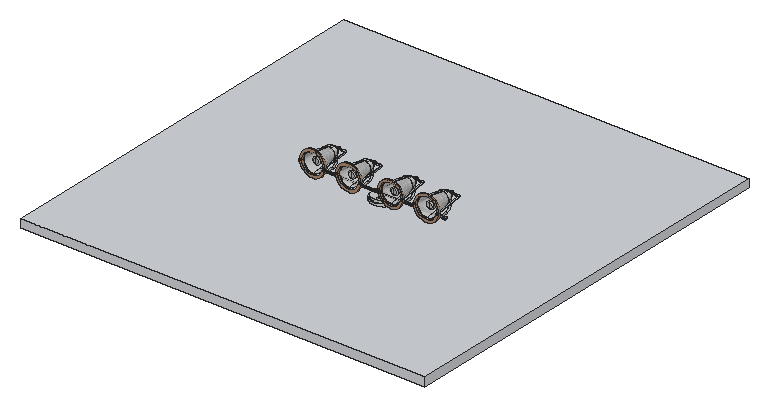
Revit family "P300298-009", category Lighting Fixtures, host Face, Revit 2017
Family settings
  Host = Face
  Round Connector Dimension = Use Diameter
  Part Type = Normal
  OmniClass Number = 23.80.70.11.14.17
  OmniClass Title = Direct/Indirect
  Cut with Voids When Loaded = No
  Light Source = No
  Shared = Yes
  Room Calculation Point = No
Parameters (values of type "P300298-009")
  Watts = 100 W
  Wattage Comments = "100W"
  Warranty = "1 year Warranty"  # constant formula
  Voltage = 120 V
  URL = "https://www.hubbell.com/progresslighting/en"
  Product Link = "https://www.hubbell.com/progresslighting/en/Products/Lighting-Controls/Residential-Indoor-Lighting/Bath-Vanity/Conway-Collection-Four-Light-Brushed-Nickel-and-Clear-Seeded-Farmhouse-Style-Bath-Vanity-Wall-Light/p/6643545"
  Product Documentation Link = "https://hubbellcdn.com/specsheet/PROG_P300298-009_spec.pdf"
  Power Factor = 1
  Model = "P300298-009"  # constant formula
  Manufacturer = "Progress Lighting"  # constant formula
  Load Classification = Lighting
  Wood = Paint- Wood
  Glass = Paint - Hubbell - White Texture
  Lamp = "LED/CFL/incandescent"  # constant formula
  Housing Material = Paint - Hubbell - Metallic Silver Textured
  Fixture distribution = "Direct"  # constant formula
  Features = "Mix old and new for charming character with the Conway Collection 4-Light Brushed Nickel Clear Seeded Farmhouse Bath Vanity Light. A brushed nickel bell-shaped frame and round backplate are accented by hand-painted, weathered grey wood-style accents for a charming nautical aesthetic. A light source glows from within a clear seeded glass shade for visual texture.\r\nApplication: Create a relaxing seaside haven with the Conway Collection 4-Light Brushed Nickel Clear Seeded Farmhouse Bath Vanity Light ideal for any entryway, hallway, foyer, bedroom, sitting room, living room, or bathroom.\r\nStyle: Perfect for farmhouse and coastal style settings.\r\nFinish: A brushed nickel bell-shaped frame and round backplate are accented by hand-painted weathered grey wood-style accents for a charming nautical aesthetic.\r\nMaterials: Constructed from steel to ensure a long product lifespan. Mount the fixture facing up or down.\r\nGlass: A light source glows from within a clear seeded glass shade for visual texture.\r\nBulbs: For ideal illumination, use 4 medium base bulbs that are sold separately (100w max - LED/CFL/incandescent). Compatible with dimmable bulbs.\r\nDimensions: Measures 33-inch width by 8-1/4-inch height by 7-inch depth.\r\nCertifications: cULus damp location listed.\r\nPairs With: Pairs with Hemsworth, Austelle, and Kempsey collections.\r\nWarranty: Our 1-Year Limited Warranty guarantees your complete satisfaction with your purchase and includes professional after-sales customer service support."  # constant formula
  Description = "Conway Collection Four-Light Brushed Nickel and Clear Seeded Farmhouse Style Bath Vanity Wall Light"  # constant formula
  Default Elevation = 48.00"
  Copyright = " ©2021 Progress Lighting, a division of Hubbell Lighting, Inc"  # constant formula
  Contact = "https://www.hubbell.com/progresslighting/en/contactUs"
  Connector Description = "Lighting Connector"  # constant formula
  Assembly Code = "D5020200"
  Apparent Load = Watts / Power Factor  # 100 VA
Reference planes (in)
  plane 1 "Center (Front/Back)": y = 0
  plane 2: z = 0
  plane 3 "Center (Left/Right)": x = 0
  plane 4: z = 10.50759
  plane 5: z = 6.0561
  plane 6: x = 16.5
  plane 7: x = -16.5
Forms (in)
  Extrusion 1, solid
    sketch origin (0, 0, 0) x (1, 0, 0) y (0, 1, 0)
      loop
        line (-48, 48) -> (-48, -48) -> (48, -48) -> (48, 48) -> (-48, 48)
    from 0 to -2
  Extrusion 2, solid, material "Paint - Hubbell - Metallic Silver Textured" <- "Housing Material"
    sketch origin (-0.04687, -0.04688, 0) x (-1, 0, 0) y (0, -1, 0)
      loop
        circle (-0.04687, -1.91937) r 0.1
      loop
        circle (-0.04687, 1.91937) r 0.1
    from 0.9423 to 1.04386
  Sweep 3, void
    path in 3D
      loop
        arc (3, 0, 0.9423) -> (0, -3, 0.9423) -> (-3, 0, 0.9423) r 3
        arc (-3, 0, 0.9423) -> (0, 3, 0.9423) -> (3, 0, 0.9423) r 3
    profile origin (0, 3, 0.9423) x (0, 1, 0) y (0, 0, 1)
      loop
        line (0, 0) -> (-0.33704, 0) -> (-0.33704, -0.45389) -> (0, -0.45389) -> (0, 0)
  Extrusion 4, solid, material "Paint - Hubbell - Metallic Silver Textured" <- "Housing Material"
    sketch origin (0, 0, 0) x (1, 0, 0) y (0, 1, 0)
      loop
        circle (0, 0) r 3
    from 0 to 0.9423
  Sweep 5, solid, material "Paint - Hubbell - Metallic Silver Textured" <- "Housing Material"
    path origin (13.5, 0.8125, -0.34375) x (0, 1, 0) y (0, 0, 1)
      loop
        line (-0.9419, 1.42637) -> (0.5581, 1.42637)
        arc (0.5581, 1.42637) -> (1.44198, 1.79249) -> (1.8081, 2.67637) r 1.25
        line (1.8081, 2.67637) -> (1.8081, 4.77637)
    profile origin (13.5, 0.6206, 1.08262) x (0, 0, 1) y (1, 0, 0)
      loop
        circle (0, 0) r 0.15
  Revolve 6, solid, material "Paint - Hubbell - Metallic Silver Textured" <- "Housing Material"
    sketch origin (13.5, 1.25, -1.125) x (0, 1, 0) y (0, 0, 1)
      loop
        line (-0.39703, 5.79294) -> (1.08787, 5.79294) -> (1.08787, 6.17127)
        arc (1.08787, 6.17127) -> (0.94143, 6.52482) -> (0.58787, 6.67127) r 0.5
        line (0.58787, 6.67127) -> (-1.19629, 6.67127) -> (-1.19629, 5.79294) -> (-0.39703, 5.79294)
      axis (1.08787, 5.79294) -> (-1.19629, 5.79294)
    angle from 0 to 360
  Revolve 7, solid, material "Paint - Hubbell - White Texture" <- "Glass"
    sketch origin (13.46875, 4.65625, -2.0625) x (0, 1, 0) y (0, 0, 1)
      loop
        line (-4.59719, 6.69919) -> (-4.59719, 7.28919) -> (-5.20749, 7.28919)
        arc (-5.20749, 7.28919) -> (-5.44868, 7.30814) -> (-5.68396, 7.36454) r 1.54416
        line (-5.68396, 7.36454) -> (-7.77863, 7.5873)
        arc (-7.77863, 7.5873) -> (-7.93579, 7.50497) -> (-7.99875, 7.33909) r 0.25
        line (-7.99875, 7.33909) -> (-7.99875, 6.69919) -> (-4.59719, 6.69919)
      axis (-4.59719, 6.69919) -> (-7.99875, 6.69919)
    angle from 0 to 360
  Revolve 8, solid, material "Paint - Hubbell - Metallic Silver Textured" <- "Housing Material"
    sketch origin (13.5, 1.25, -2.01562) x (0, 1, 0) y (0, 0, 1)
      loop
        line (1.60887, 6.93331) -> (1.60887, 7.03031) -> (1.22137, 7.03031) -> (1.22137, 7.20218) -> (1.05262, 7.20218) -> (1.05262, 6.67186) -> (2.03343, 6.67186) -> (2.03343, 6.93331) -> (1.60887, 6.93331)
      axis (1.05262, 6.67186) -> (2.03343, 6.67186)
    angle from 0 to 360
  Revolve 9, solid, material "Paint - Hubbell - White Texture" <- "Glass"
    sketch origin (13.52485, 7.49663, 4.60947) x (0, 0, 1) y (0, 1, 0)
      loop
        line (0, -7.43773) -> (-0.14062, -7.43773) -> (-0.14062, -7.68773) -> (-0.3174, -7.86451) -> (-0.3174, -8.11451) -> (-0.0674, -8.11451) -> (-0.0674, -10.36451) -> (-0.0674, -10.55091)
        arc (-0.0674, -10.55091) -> (-0.07712, -10.57767) -> (-0.10174, -10.59197) r 0.04171
        arc (-0.10174, -10.59197) -> (-0.13207, -10.62395) -> (-0.11058, -10.66244) r 0.0372
        line (-0.11058, -10.66244) -> (0, -10.66244) -> (0, -10.56087) -> (0, -7.43773)
      axis (0, -7.43773) -> (0, -10.66244)
    angle from 0 to 360
  Revolve 10, solid, material "Paint- Wood" <- "Wood"
    sketch origin (13.52485, 7.49663, 4.60947) x (0, 0, 1) y (0, 1, 0)
      loop
        line (-0.47346, -8.28115) -> (-0.51834, -8.28115) -> (-0.66329, -10.35395) -> (-0.61841, -10.35395) -> (-0.47346, -8.28115)
      axis (-0.61862, -10.35707) -> (-0.47346, -8.28115)
    angle from 0 to 360
  Revolve 11, solid, material "Paint- Wood" <- "Wood"
    sketch origin (13.52485, 7.49663, 4.60947) x (0, 0, -1) y (0, -1, 0)
      loop
        line (-0.47346, 8.28115) -> (-0.62235, 10.41041) -> (-0.66723, 10.41041) -> (-0.51834, 8.28115) -> (-0.47346, 8.28115)
      axis (-0.62257, 10.41353) -> (-0.47346, 8.28115)
    angle from 0 to 360
  Revolve 12, solid, material "Paint- Wood" <- "Wood"
    sketch origin (13.52485, 7.49663, 4.60947) x (1, 0, 0) y (0, 1, 0)
      loop
        line (-0.47346, -8.28115) -> (-0.51834, -8.28115) -> (-0.66522, -10.38161) -> (-0.62034, -10.38161) -> (-0.47346, -8.28115)
      axis (-0.62056, -10.38473) -> (-0.47346, -8.28115)
    angle from 0 to 360
  Revolve 13, solid, material "Paint- Wood" <- "Wood"
    sketch origin (13.52485, 7.49663, 4.60947) x (-1, 0, 0) y (0, -1, 0)
      loop
        line (-0.47346, 8.28115) -> (-0.62117, 10.39346) -> (-0.66605, 10.39346) -> (-0.51834, 8.28115) -> (-0.47346, 8.28115)
      axis (-0.62139, 10.39659) -> (-0.47346, 8.28115)
    angle from 0 to 360
  Sweep 14, solid, material "Paint - Hubbell - White Texture" <- "Glass"
    path origin (13.54048, 7.99663, 4.60853) x (1, 0, 0) y (0, 1, 0)
      loop
        line (0.61067, -10.88516) -> (0.61067, -10.98257)
        arc (0.61067, -10.98257) -> (0.57513, -11.06837) -> (0.48933, -11.10391) r 0.12134
        line (0.48933, -11.10391) -> (0.04812, -11.10391)
    profile origin (14.15115, -2.93724, 4.60853) x (1, 0, 0) y (0, 0, 1)
      loop
        circle (0, 0.00095) r 0.031
  Sweep 15, solid, material "Paint - Hubbell - White Texture" <- "Glass"
    path origin (13.50733, 7.99663, 4.60853) x (-1, 0, 0) y (0, -1, 0)
      loop
        line (0.61067, 10.88516) -> (0.61067, 10.98257)
        arc (0.61067, 10.98257) -> (0.57513, 11.06837) -> (0.48933, 11.10391) r 0.12134
        line (0.48933, 11.10391) -> (0.04812, 11.10391)
    profile origin (12.89666, -2.93724, 4.60853) x (1, 0, 0) y (0, 0, 1)
      loop
        circle (0, 0.00095) r 0.031
  Sweep 16, solid, material "Paint - Hubbell - White Texture" <- "Glass"
    path origin (13.54048, -11.73762, 4.60853) x (1, 0, 0) y (0, 1, 0)
      loop
        line (0.45442, 10.88516) -> (0.45442, 10.98257)
        arc (0.45442, 10.98257) -> (0.41888, 11.06837) -> (0.33308, 11.10391) r 0.12134
        line (0.33308, 11.10391) -> (0.04812, 11.10391)
    profile origin (13.9949, -0.80376, 4.60853) x (-1, 0, 0) y (0, 0, 1)
      loop
        circle (0, 0.00095) r 0.031
  Sweep 17, solid, material "Paint - Hubbell - White Texture" <- "Glass"
    path origin (13.50733, -11.73762, 4.60853) x (-1, 0, 0) y (0, -1, 0)
      loop
        line (0.45442, -10.88516) -> (0.45442, -10.98257)
        arc (0.45442, -10.98257) -> (0.41888, -11.06837) -> (0.33308, -11.10391) r 0.12134
        line (0.33308, -11.10391) -> (0.04812, -11.10391)
    profile origin (13.05291, -0.80376, 4.60853) x (-1, 0, 0) y (0, 0, 1)
      loop
        circle (0, 0.00095) r 0.031
  Sweep 18, solid, material "Paint - Hubbell - White Texture" <- "Glass"
    path origin (13.52485, 7.99663, 4.62605) x (0, 0, 1) y (0, 1, 0)
      loop
        line (0.61067, -10.88516) -> (0.61067, -10.98257)
        arc (0.61067, -10.98257) -> (0.57513, -11.06837) -> (0.48933, -11.10391) r 0.12134
        line (0.48933, -11.10391) -> (0.04812, -11.10391)
    profile origin (13.52485, -2.93724, 5.23672) x (0, 0, 1) y (-1, 0, 0)
      loop
        circle (0, 0.00095) r 0.031
  Sweep 19, solid, material "Paint - Hubbell - White Texture" <- "Glass"
    path origin (13.52485, 7.99663, 4.5929) x (0, 0, -1) y (0, -1, 0)
      loop
        line (0.61067, 10.88516) -> (0.61067, 10.98257)
        arc (0.61067, 10.98257) -> (0.57513, 11.06837) -> (0.48933, 11.10391) r 0.12134
        line (0.48933, 11.10391) -> (0.04812, 11.10391)
    profile origin (13.52485, -2.93724, 3.98223) x (0, 0, 1) y (-1, 0, 0)
      loop
        circle (0, 0.00095) r 0.031
  Sweep 20, solid, material "Paint - Hubbell - White Texture" <- "Glass"
    path origin (13.52485, -11.73762, 4.62605) x (0, 0, 1) y (0, 1, 0)
      loop
        line (0.45442, 10.88516) -> (0.45442, 10.98257)
        arc (0.45442, 10.98257) -> (0.41888, 11.06837) -> (0.33308, 11.10391) r 0.12134
        line (0.33308, 11.10391) -> (0.04812, 11.10391)
    profile origin (13.52485, -0.80376, 5.08047) x (0, 0, -1) y (-1, 0, 0)
      loop
        circle (0, 0.00095) r 0.031
  Sweep 21, solid, material "Paint - Hubbell - White Texture" <- "Glass"
    path origin (13.52485, -11.73762, 4.5929) x (0, 0, -1) y (0, -1, 0)
      loop
        line (0.45442, -10.88516) -> (0.45442, -10.98257)
        arc (0.45442, -10.98257) -> (0.41888, -11.06837) -> (0.33308, -11.10391) r 0.12134
        line (0.33308, -11.10391) -> (0.04812, -11.10391)
    profile origin (13.52485, -0.80376, 4.13848) x (0, 0, -1) y (-1, 0, 0)
      loop
        circle (0, 0.00095) r 0.031
  Revolve 22, solid, material "Paint - Hubbell - White Texture" <- "Glass"
    sketch origin (13.5, 1.5, -2) x (0, 1, 0) y (0, 0, 1)
      loop
        line (-0.87287, 7.54713) -> (-0.87287, 7.87035)
        arc (-0.87287, 7.87035) -> (-0.92434, 8.01176) -> (-1.05466, 8.087) r 0.22
        line (-1.05466, 8.087) -> (-5.5507, 8.87978) -> (-5.5507, 8.83215) -> (-1.07818, 8.04353)
        arc (-1.07818, 8.04353) -> (-0.9597, 7.97512) -> (-0.91291, 7.84656) r 0.2
        line (-0.91291, 7.84656) -> (-0.91291, 7.54713) -> (-0.87287, 7.54713)
      axis (-5.5507, 6.60947) -> (-0.87287, 6.60947)
    angle from 0 to 360
  Sweep 23, solid, material "Paint - Hubbell - Metallic Silver Textured" <- "Housing Material"
    path origin (13.5, 1.25, 0) x (1, 0, 0) y (0, 1, 0)
      loop
        line (-2.77542, -5.3177) -> (-2.09166, 1.18789)
        arc (-2.09166, 1.18789) -> (-1.84761, 1.66685) -> (-1.34577, 1.8595) r 0.75
        line (-1.34577, 1.8595) -> (-0.05826, 1.8595) -> (1.34577, 1.8595)
        arc (1.34577, 1.8595) -> (1.84761, 1.66685) -> (2.09166, 1.18789) r 0.75
        line (2.09166, 1.18789) -> (2.77542, -5.3177)
    profile origin (11.06646, -0.8149, 0) x (-0.994522, 0.104528, 0) y (0, 0, 1)
      loop
        circle (0, 4.59979) r 0.1
  Extrusion 24, solid, material "Paint- Wood" <- "Wood"
    sketch origin (13.5, 1.34707, -0.125) x (1, 0, 0) y (0, 0, 1)
      loop
        circle (0.02484, 4.74171) r 2.5
      loop
        circle (0.02484, 4.74171) r 3
    from 5.39778 to 5.75794
  Revolve 25, solid, material "Paint - Hubbell - Metallic Silver Textured" <- "Housing Material"
    sketch origin (13.5, 1.34707, 4.59979) x (1, 0, 0) y (0, 1, 0)
      loop
        line (-2.82169, -5.75794) -> (-2.86394, -6.15993) -> (-2.69266, -6.15993) -> (-2.67654, -6.00657) -> (-2.75127, -6.00657) -> (-2.72514, -5.75794) -> (-2.82169, -5.75794)
      axis (-2.82064, -5.7479) -> (-2.86394, -6.15993)
    angle from 0 to 360
  Revolve 26, solid, material "Paint - Hubbell - Metallic Silver Textured" <- "Housing Material"
    sketch origin (13.5, 1.34707, 4.59979) x (-1, 0, 0) y (0, -1, 0)
      loop
        line (-2.82169, 5.75794) -> (-2.72514, 5.75794) -> (-2.75127, 6.00657) -> (-2.67654, 6.00657) -> (-2.69266, 6.15993) -> (-2.86394, 6.15993) -> (-2.82169, 5.75794)
      axis (-2.82064, 5.7479) -> (-2.86394, 6.15993)
    angle from 0 to 360
  Revolve 27, solid, material "Paint - Hubbell - Metallic Silver Textured" <- "Housing Material"
    sketch origin (0, -0.24932, 1.10582) x (1, 0, 0) y (0, 1, 0)
      loop
        line (-14.93584, 0.06153) -> (14.93584, 0.06153) -> (14.93584, 0.17871) -> (14.75652, 0.17871) -> (14.75652, 0.30301) -> (14.58765, 0.30301) -> (14.58765, 0.23141) -> (0, 0.23141) -> (-14.58765, 0.23141) -> (-14.58765, 0.30301) -> (-14.75652, 0.30301) -> (-14.75652, 0.17871) -> (-14.93584, 0.17871) -> (-14.93584, 0.06153)
      axis (14.93584, 0.05906) -> (-14.93584, 0.05906)
    angle from 0 to 360
  Sweep 28, solid, material "Paint - Hubbell - Metallic Silver Textured" <- "Housing Material"
    path origin (5, 0.8125, -0.34375) x (0, 1, 0) y (0, 0, -1)
      loop
        line (-0.9419, -1.42637) -> (0.5581, -1.42637)
        arc (0.5581, -1.42637) -> (1.44198, -1.79249) -> (1.8081, -2.67637) r 1.25
        line (1.8081, -2.67637) -> (1.8081, -4.77637)
    profile origin (5, 0.6206, 1.08262) x (0, 0, -1) y (-1, 0, 0)
      loop
        circle (0, 0) r 0.15
  Revolve 29, solid, material "Paint - Hubbell - Metallic Silver Textured" <- "Housing Material"
    sketch origin (5, 1.25, -1.125) x (0, 1, 0) y (0, 0, -1)
      loop
        line (-0.39703, -5.79294) -> (-1.19629, -5.79294) -> (-1.19629, -6.67127) -> (0.58787, -6.67127)
        arc (0.58787, -6.67127) -> (0.94143, -6.52482) -> (1.08787, -6.17127) r 0.5
        line (1.08787, -6.17127) -> (1.08787, -5.79294) -> (-0.39703, -5.79294)
      axis (1.08787, -5.79294) -> (-1.19629, -5.79294)
    angle from 0 to 360
  Revolve 30, solid, material "Paint - Hubbell - White Texture" <- "Glass"
    sketch origin (5.03125, 4.65625, -2.0625) x (0, 1, 0) y (0, 0, -1)
      loop
        line (-4.59719, -6.69919) -> (-7.99875, -6.69919) -> (-7.99875, -7.33909)
        arc (-7.99875, -7.33909) -> (-7.93579, -7.50497) -> (-7.77863, -7.5873) r 0.25
        line (-7.77863, -7.5873) -> (-5.68396, -7.36454)
        arc (-5.68396, -7.36454) -> (-5.44868, -7.30814) -> (-5.20749, -7.28919) r 1.54416
        line (-5.20749, -7.28919) -> (-4.59719, -7.28919) -> (-4.59719, -6.69919)
      axis (-4.59719, -6.69919) -> (-7.99875, -6.69919)
    angle from 0 to 360
  Revolve 31, solid, material "Paint - Hubbell - Metallic Silver Textured" <- "Housing Material"
    sketch origin (5, 1.25, -2.01562) x (0, 1, 0) y (0, 0, -1)
      loop
        line (1.60887, -6.93331) -> (2.03343, -6.93331) -> (2.03343, -6.67186) -> (1.05262, -6.67186) -> (1.05262, -7.20218) -> (1.22137, -7.20218) -> (1.22137, -7.03031) -> (1.60887, -7.03031) -> (1.60887, -6.93331)
      axis (1.05262, -6.67186) -> (2.03343, -6.67186)
    angle from 0 to 360
  Revolve 32, solid, material "Paint - Hubbell - White Texture" <- "Glass"
    sketch origin (4.97515, 7.49663, 4.60947) x (0, 0, 1) y (0, -1, 0)
      loop
        line (0, 7.43773) -> (0, 10.56087) -> (0, 10.66244) -> (-0.11058, 10.66244)
        arc (-0.11058, 10.66244) -> (-0.13207, 10.62395) -> (-0.10174, 10.59197) r 0.0372
        arc (-0.10174, 10.59197) -> (-0.07712, 10.57767) -> (-0.0674, 10.55091) r 0.04171
        line (-0.0674, 10.55091) -> (-0.0674, 10.36451) -> (-0.0674, 8.11451) -> (-0.3174, 8.11451) -> (-0.3174, 7.86451) -> (-0.14062, 7.68773) -> (-0.14062, 7.43773) -> (0, 7.43773)
      axis (0, 7.43773) -> (0, 10.66244)
    angle from 0 to 360
  Revolve 33, solid, material "Paint- Wood" <- "Wood"
    sketch origin (4.97515, 7.49663, 4.60947) x (0, 0, 1) y (0, -1, 0)
      loop
        line (-0.47346, 8.28115) -> (-0.61841, 10.35395) -> (-0.66329, 10.35395) -> (-0.51834, 8.28115) -> (-0.47346, 8.28115)
      axis (-0.61862, 10.35707) -> (-0.47346, 8.28115)
    angle from 0 to 360
  Revolve 34, solid, material "Paint- Wood" <- "Wood"
    sketch origin (4.97515, 7.49663, 4.60947) x (0, 0, -1) y (0, 1, 0)
      loop
        line (-0.47346, -8.28115) -> (-0.51834, -8.28115) -> (-0.66723, -10.41041) -> (-0.62235, -10.41041) -> (-0.47346, -8.28115)
      axis (-0.62257, -10.41353) -> (-0.47346, -8.28115)
    angle from 0 to 360
  Revolve 35, solid, material "Paint- Wood" <- "Wood"
    sketch origin (4.97515, 7.49663, 4.60947) x (-1, 0, 0) y (0, -1, 0)
      loop
        line (-0.47346, 8.28115) -> (-0.62034, 10.38161) -> (-0.66522, 10.38161) -> (-0.51834, 8.28115) -> (-0.47346, 8.28115)
      axis (-0.62056, 10.38473) -> (-0.47346, 8.28115)
    angle from 0 to 360
  Revolve 36, solid, material "Paint- Wood" <- "Wood"
    sketch origin (4.97515, 7.49663, 4.60947) x (1, 0, 0) y (0, 1, 0)
      loop
        line (-0.47346, -8.28115) -> (-0.51834, -8.28115) -> (-0.66605, -10.39346) -> (-0.62117, -10.39346) -> (-0.47346, -8.28115)
      axis (-0.62139, -10.39659) -> (-0.47346, -8.28115)
    angle from 0 to 360
  Sweep 37, solid, material "Paint - Hubbell - White Texture" <- "Glass"
    path origin (4.95952, 7.99663, 4.60853) x (-1, 0, 0) y (0, -1, 0)
      loop
        line (0.61067, 10.88516) -> (0.61067, 10.98257)
        arc (0.61067, 10.98257) -> (0.57513, 11.06837) -> (0.48933, 11.10391) r 0.12134
        line (0.48933, 11.10391) -> (0.04812, 11.10391)
    profile origin (4.34885, -2.93724, 4.60853) x (1, 0, 0) y (0, 0, 1)
      loop
        circle (0, 0.00095) r 0.031
  Sweep 38, solid, material "Paint - Hubbell - White Texture" <- "Glass"
    path origin (4.99267, 7.99663, 4.60853) x (1, 0, 0) y (0, 1, 0)
      loop
        line (0.61067, -10.88516) -> (0.61067, -10.98257)
        arc (0.61067, -10.98257) -> (0.57513, -11.06837) -> (0.48933, -11.10391) r 0.12134
        line (0.48933, -11.10391) -> (0.04812, -11.10391)
    profile origin (5.60334, -2.93724, 4.60853) x (1, 0, 0) y (0, 0, 1)
      loop
        circle (0, 0.00095) r 0.031
  Sweep 39, solid, material "Paint - Hubbell - White Texture" <- "Glass"
    path origin (4.95952, -11.73762, 4.60853) x (-1, 0, 0) y (0, -1, 0)
      loop
        line (0.45442, -10.88516) -> (0.45442, -10.98257)
        arc (0.45442, -10.98257) -> (0.41888, -11.06837) -> (0.33308, -11.10391) r 0.12134
        line (0.33308, -11.10391) -> (0.04812, -11.10391)
    profile origin (4.5051, -0.80376, 4.60853) x (-1, 0, 0) y (0, 0, 1)
      loop
        circle (0, 0.00095) r 0.031
  Sweep 40, solid, material "Paint - Hubbell - White Texture" <- "Glass"
    path origin (4.99267, -11.73762, 4.60853) x (1, 0, 0) y (0, 1, 0)
      loop
        line (0.45442, 10.88516) -> (0.45442, 10.98257)
        arc (0.45442, 10.98257) -> (0.41888, 11.06837) -> (0.33308, 11.10391) r 0.12134
        line (0.33308, 11.10391) -> (0.04812, 11.10391)
    profile origin (5.44709, -0.80376, 4.60853) x (-1, 0, 0) y (0, 0, 1)
      loop
        circle (0, 0.00095) r 0.031
  Sweep 41, solid, material "Paint - Hubbell - White Texture" <- "Glass"
    path origin (4.97515, 7.99663, 4.62605) x (0, 0, 1) y (0, -1, 0)
      loop
        line (0.61067, 10.88516) -> (0.61067, 10.98257)
        arc (0.61067, 10.98257) -> (0.57513, 11.06837) -> (0.48933, 11.10391) r 0.12134
        line (0.48933, 11.10391) -> (0.04812, 11.10391)
    profile origin (4.97515, -2.93724, 5.23672) x (0, 0, -1) y (1, 0, 0)
      loop
        circle (0, 0.00095) r 0.031
  Sweep 42, solid, material "Paint - Hubbell - White Texture" <- "Glass"
    path origin (4.97515, 7.99663, 4.5929) x (0, 0, -1) y (0, 1, 0)
      loop
        line (0.61067, -10.88516) -> (0.61067, -10.98257)
        arc (0.61067, -10.98257) -> (0.57513, -11.06837) -> (0.48933, -11.10391) r 0.12134
        line (0.48933, -11.10391) -> (0.04812, -11.10391)
    profile origin (4.97515, -2.93724, 3.98223) x (0, 0, -1) y (1, 0, 0)
      loop
        circle (0, 0.00095) r 0.031
  Sweep 43, solid, material "Paint - Hubbell - White Texture" <- "Glass"
    path origin (4.97515, -11.73762, 4.62605) x (0, 0, 1) y (0, -1, 0)
      loop
        line (0.45442, -10.88516) -> (0.45442, -10.98257)
        arc (0.45442, -10.98257) -> (0.41888, -11.06837) -> (0.33308, -11.10391) r 0.12134
        line (0.33308, -11.10391) -> (0.04812, -11.10391)
    profile origin (4.97515, -0.80376, 5.08047) x (0, 0, 1) y (1, 0, 0)
      loop
        circle (0, 0.00095) r 0.031
  Sweep 44, solid, material "Paint - Hubbell - White Texture" <- "Glass"
    path origin (4.97515, -11.73762, 4.5929) x (0, 0, -1) y (0, 1, 0)
      loop
        line (0.45442, 10.88516) -> (0.45442, 10.98257)
        arc (0.45442, 10.98257) -> (0.41888, 11.06837) -> (0.33308, 11.10391) r 0.12134
        line (0.33308, 11.10391) -> (0.04812, 11.10391)
    profile origin (4.97515, -0.80376, 4.13848) x (0, 0, 1) y (1, 0, 0)
      loop
        circle (0, 0.00095) r 0.031
  Revolve 45, solid, material "Paint - Hubbell - White Texture" <- "Glass"
    sketch origin (5, 1.5, -2) x (0, 1, 0) y (0, 0, -1)
      loop
        line (-0.87287, -7.54713) -> (-0.91291, -7.54713) -> (-0.91291, -7.84656)
        arc (-0.91291, -7.84656) -> (-0.9597, -7.97512) -> (-1.07818, -8.04353) r 0.2
        line (-1.07818, -8.04353) -> (-5.5507, -8.83215) -> (-5.5507, -8.87978) -> (-1.05466, -8.087)
        arc (-1.05466, -8.087) -> (-0.92434, -8.01176) -> (-0.87287, -7.87035) r 0.22
        line (-0.87287, -7.87035) -> (-0.87287, -7.54713)
      axis (-5.5507, -6.60947) -> (-0.87287, -6.60947)
    angle from 0 to 360
  Sweep 46, solid, material "Paint - Hubbell - Metallic Silver Textured" <- "Housing Material"
    path origin (5, 1.25, 0) x (-1, 0, 0) y (0, -1, 0)
      loop
        line (-2.77542, 5.3177) -> (-2.09166, -1.18789)
        arc (-2.09166, -1.18789) -> (-1.84761, -1.66685) -> (-1.34577, -1.8595) r 0.75
        line (-1.34577, -1.8595) -> (-0.05826, -1.8595) -> (1.34577, -1.8595)
        arc (1.34577, -1.8595) -> (1.84761, -1.66685) -> (2.09166, -1.18789) r 0.75
        line (2.09166, -1.18789) -> (2.77542, 5.3177)
    profile origin (7.43354, -0.8149, 0) x (-0.994522, -0.104528, 0) y (0, 0, 1)
      loop
        circle (0, 4.59979) r 0.1
  Extrusion 47, solid, material "Paint- Wood" <- "Wood"
    sketch origin (5, 1.34707, -0.125) x (-1, 0, 0) y (0, 0, -1)
      loop
        circle (0.02484, -4.74171) r 2.5
      loop
        circle (0.02484, -4.74171) r 3
    from 5.39778 to 5.75794
  Revolve 48, solid, material "Paint - Hubbell - Metallic Silver Textured" <- "Housing Material"
    sketch origin (5, 1.34707, 4.59979) x (-1, 0, 0) y (0, -1, 0)
      loop
        line (-2.82169, 5.75794) -> (-2.72514, 5.75794) -> (-2.75127, 6.00657) -> (-2.67654, 6.00657) -> (-2.69266, 6.15993) -> (-2.86394, 6.15993) -> (-2.82169, 5.75794)
      axis (-2.82064, 5.7479) -> (-2.86394, 6.15993)
    angle from 0 to 360
  Revolve 49, solid, material "Paint - Hubbell - Metallic Silver Textured" <- "Housing Material"
    sketch origin (5, 1.34707, 4.59979) x (1, 0, 0) y (0, 1, 0)
      loop
        line (-2.82169, -5.75794) -> (-2.86394, -6.15993) -> (-2.69266, -6.15993) -> (-2.67654, -6.00657) -> (-2.75127, -6.00657) -> (-2.72514, -5.75794) -> (-2.82169, -5.75794)
      axis (-2.82064, -5.7479) -> (-2.86394, -6.15993)
    angle from 0 to 360
  Sweep 50, solid, material "Paint - Hubbell - Metallic Silver Textured" <- "Housing Material"
    path origin (-13.5, 0.8125, -0.34375) x (0, 1, 0) y (0, 0, -1)
      loop
        line (-0.9419, -1.42637) -> (0.5581, -1.42637)
        arc (0.5581, -1.42637) -> (1.44198, -1.79249) -> (1.8081, -2.67637) r 1.25
        line (1.8081, -2.67637) -> (1.8081, -4.77637)
    profile origin (-13.5, 0.6206, 1.08262) x (0, 0, -1) y (-1, 0, 0)
      loop
        circle (0, 0) r 0.15
  Revolve 51, solid, material "Paint - Hubbell - Metallic Silver Textured" <- "Housing Material"
    sketch origin (-13.5, 1.25, -1.125) x (0, 1, 0) y (0, 0, -1)
      loop
        line (-0.39703, -5.79294) -> (-1.19629, -5.79294) -> (-1.19629, -6.67127) -> (0.58787, -6.67127)
        arc (0.58787, -6.67127) -> (0.94143, -6.52482) -> (1.08787, -6.17127) r 0.5
        line (1.08787, -6.17127) -> (1.08787, -5.79294) -> (-0.39703, -5.79294)
      axis (1.08787, -5.79294) -> (-1.19629, -5.79294)
    angle from 0 to 360
  Revolve 52, solid, material "Paint - Hubbell - White Texture" <- "Glass"
    sketch origin (-13.46875, 4.65625, -2.0625) x (0, 1, 0) y (0, 0, -1)
      loop
        line (-4.59719, -6.69919) -> (-7.99875, -6.69919) -> (-7.99875, -7.33909)
        arc (-7.99875, -7.33909) -> (-7.93579, -7.50497) -> (-7.77863, -7.5873) r 0.25
        line (-7.77863, -7.5873) -> (-5.68396, -7.36454)
        arc (-5.68396, -7.36454) -> (-5.44868, -7.30814) -> (-5.20749, -7.28919) r 1.54416
        line (-5.20749, -7.28919) -> (-4.59719, -7.28919) -> (-4.59719, -6.69919)
      axis (-4.59719, -6.69919) -> (-7.99875, -6.69919)
    angle from 0 to 360
  Revolve 53, solid, material "Paint - Hubbell - Metallic Silver Textured" <- "Housing Material"
    sketch origin (-13.5, 1.25, -2.01562) x (0, 1, 0) y (0, 0, -1)
      loop
        line (1.60887, -6.93331) -> (2.03343, -6.93331) -> (2.03343, -6.67186) -> (1.05262, -6.67186) -> (1.05262, -7.20218) -> (1.22137, -7.20218) -> (1.22137, -7.03031) -> (1.60887, -7.03031) -> (1.60887, -6.93331)
      axis (1.05262, -6.67186) -> (2.03343, -6.67186)
    angle from 0 to 360
  Revolve 54, solid, material "Paint - Hubbell - White Texture" <- "Glass"
    sketch origin (-13.52485, 7.49663, 4.60947) x (0, 0, 1) y (0, -1, 0)
      loop
        line (0, 7.43773) -> (0, 10.56087) -> (0, 10.66244) -> (-0.11058, 10.66244)
        arc (-0.11058, 10.66244) -> (-0.13207, 10.62395) -> (-0.10174, 10.59197) r 0.0372
        arc (-0.10174, 10.59197) -> (-0.07712, 10.57767) -> (-0.0674, 10.55091) r 0.04171
        line (-0.0674, 10.55091) -> (-0.0674, 10.36451) -> (-0.0674, 8.11451) -> (-0.3174, 8.11451) -> (-0.3174, 7.86451) -> (-0.14062, 7.68773) -> (-0.14062, 7.43773) -> (0, 7.43773)
      axis (0, 7.43773) -> (0, 10.66244)
    angle from 0 to 360
  Revolve 55, solid, material "Paint- Wood" <- "Wood"
    sketch origin (-13.52485, 7.49663, 4.60947) x (0, 0, 1) y (0, -1, 0)
      loop
        line (-0.47346, 8.28115) -> (-0.61841, 10.35395) -> (-0.66329, 10.35395) -> (-0.51834, 8.28115) -> (-0.47346, 8.28115)
      axis (-0.61862, 10.35707) -> (-0.47346, 8.28115)
    angle from 0 to 360
  Revolve 56, solid, material "Paint- Wood" <- "Wood"
    sketch origin (-13.52485, 7.49663, 4.60947) x (0, 0, -1) y (0, 1, 0)
      loop
        line (-0.47346, -8.28115) -> (-0.51834, -8.28115) -> (-0.66723, -10.41041) -> (-0.62235, -10.41041) -> (-0.47346, -8.28115)
      axis (-0.62257, -10.41353) -> (-0.47346, -8.28115)
    angle from 0 to 360
  Revolve 57, solid, material "Paint- Wood" <- "Wood"
    sketch origin (-13.52485, 7.49663, 4.60947) x (-1, 0, 0) y (0, -1, 0)
      loop
        line (-0.47346, 8.28115) -> (-0.62034, 10.38161) -> (-0.66522, 10.38161) -> (-0.51834, 8.28115) -> (-0.47346, 8.28115)
      axis (-0.62056, 10.38473) -> (-0.47346, 8.28115)
    angle from 0 to 360
  Revolve 58, solid, material "Paint- Wood" <- "Wood"
    sketch origin (-13.52485, 7.49663, 4.60947) x (1, 0, 0) y (0, 1, 0)
      loop
        line (-0.47346, -8.28115) -> (-0.51834, -8.28115) -> (-0.66605, -10.39346) -> (-0.62117, -10.39346) -> (-0.47346, -8.28115)
      axis (-0.62139, -10.39659) -> (-0.47346, -8.28115)
    angle from 0 to 360
  Sweep 59, solid, material "Paint - Hubbell - White Texture" <- "Glass"
    path origin (-13.54048, 7.99663, 4.60853) x (-1, 0, 0) y (0, -1, 0)
      loop
        line (0.61067, 10.88516) -> (0.61067, 10.98257)
        arc (0.61067, 10.98257) -> (0.57513, 11.06837) -> (0.48933, 11.10391) r 0.12134
        line (0.48933, 11.10391) -> (0.04812, 11.10391)
    profile origin (-14.15115, -2.93724, 4.60853) x (1, 0, 0) y (0, 0, 1)
      loop
        circle (0, 0.00095) r 0.031
  Sweep 60, solid, material "Paint - Hubbell - White Texture" <- "Glass"
    path origin (-13.50733, 7.99663, 4.60853) x (1, 0, 0) y (0, 1, 0)
      loop
        line (0.61067, -10.88516) -> (0.61067, -10.98257)
        arc (0.61067, -10.98257) -> (0.57513, -11.06837) -> (0.48933, -11.10391) r 0.12134
        line (0.48933, -11.10391) -> (0.04812, -11.10391)
    profile origin (-12.89666, -2.93724, 4.60853) x (1, 0, 0) y (0, 0, 1)
      loop
        circle (0, 0.00095) r 0.031
  Sweep 61, solid, material "Paint - Hubbell - White Texture" <- "Glass"
    path origin (-13.54048, -11.73762, 4.60853) x (-1, 0, 0) y (0, -1, 0)
      loop
        line (0.45442, -10.88516) -> (0.45442, -10.98257)
        arc (0.45442, -10.98257) -> (0.41888, -11.06837) -> (0.33308, -11.10391) r 0.12134
        line (0.33308, -11.10391) -> (0.04812, -11.10391)
    profile origin (-13.9949, -0.80376, 4.60853) x (-1, 0, 0) y (0, 0, 1)
      loop
        circle (0, 0.00095) r 0.031
  Sweep 62, solid, material "Paint - Hubbell - White Texture" <- "Glass"
    path origin (-13.50733, -11.73762, 4.60853) x (1, 0, 0) y (0, 1, 0)
      loop
        line (0.45442, 10.88516) -> (0.45442, 10.98257)
        arc (0.45442, 10.98257) -> (0.41888, 11.06837) -> (0.33308, 11.10391) r 0.12134
        line (0.33308, 11.10391) -> (0.04812, 11.10391)
    profile origin (-13.05291, -0.80376, 4.60853) x (-1, 0, 0) y (0, 0, 1)
      loop
        circle (0, 0.00095) r 0.031
  Sweep 63, solid, material "Paint - Hubbell - White Texture" <- "Glass"
    path origin (-13.52485, 7.99663, 4.62605) x (0, 0, 1) y (0, -1, 0)
      loop
        line (0.61067, 10.88516) -> (0.61067, 10.98257)
        arc (0.61067, 10.98257) -> (0.57513, 11.06837) -> (0.48933, 11.10391) r 0.12134
        line (0.48933, 11.10391) -> (0.04812, 11.10391)
    profile origin (-13.52485, -2.93724, 5.23672) x (0, 0, -1) y (1, 0, 0)
      loop
        circle (0, 0.00095) r 0.031
  Sweep 64, solid, material "Paint - Hubbell - White Texture" <- "Glass"
    path origin (-13.52485, 7.99663, 4.5929) x (0, 0, -1) y (0, 1, 0)
      loop
        line (0.61067, -10.88516) -> (0.61067, -10.98257)
        arc (0.61067, -10.98257) -> (0.57513, -11.06837) -> (0.48933, -11.10391) r 0.12134
        line (0.48933, -11.10391) -> (0.04812, -11.10391)
    profile origin (-13.52485, -2.93724, 3.98223) x (0, 0, -1) y (1, 0, 0)
      loop
        circle (0, 0.00095) r 0.031
  Sweep 65, solid, material "Paint - Hubbell - White Texture" <- "Glass"
    path origin (-13.52485, -11.73762, 4.62605) x (0, 0, 1) y (0, -1, 0)
      loop
        line (0.45442, -10.88516) -> (0.45442, -10.98257)
        arc (0.45442, -10.98257) -> (0.41888, -11.06837) -> (0.33308, -11.10391) r 0.12134
        line (0.33308, -11.10391) -> (0.04812, -11.10391)
    profile origin (-13.52485, -0.80376, 5.08047) x (0, 0, 1) y (1, 0, 0)
      loop
        circle (0, 0.00095) r 0.031
  Sweep 66, solid, material "Paint - Hubbell - White Texture" <- "Glass"
    path origin (-13.52485, -11.73762, 4.5929) x (0, 0, -1) y (0, 1, 0)
      loop
        line (0.45442, 10.88516) -> (0.45442, 10.98257)
        arc (0.45442, 10.98257) -> (0.41888, 11.06837) -> (0.33308, 11.10391) r 0.12134
        line (0.33308, 11.10391) -> (0.04812, 11.10391)
    profile origin (-13.52485, -0.80376, 4.13848) x (0, 0, 1) y (1, 0, 0)
      loop
        circle (0, 0.00095) r 0.031
  Revolve 67, solid, material "Paint - Hubbell - White Texture" <- "Glass"
    sketch origin (-13.5, 1.5, -2) x (0, 1, 0) y (0, 0, -1)
      loop
        line (-0.87287, -7.54713) -> (-0.91291, -7.54713) -> (-0.91291, -7.84656)
        arc (-0.91291, -7.84656) -> (-0.9597, -7.97512) -> (-1.07818, -8.04353) r 0.2
        line (-1.07818, -8.04353) -> (-5.5507, -8.83215) -> (-5.5507, -8.87978) -> (-1.05466, -8.087)
        arc (-1.05466, -8.087) -> (-0.92434, -8.01176) -> (-0.87287, -7.87035) r 0.22
        line (-0.87287, -7.87035) -> (-0.87287, -7.54713)
      axis (-5.5507, -6.60947) -> (-0.87287, -6.60947)
    angle from 0 to 360
  Sweep 68, solid, material "Paint - Hubbell - Metallic Silver Textured" <- "Housing Material"
    path origin (-13.5, 1.25, 0) x (-1, 0, 0) y (0, -1, 0)
      loop
        line (-2.77542, 5.3177) -> (-2.09166, -1.18789)
        arc (-2.09166, -1.18789) -> (-1.84761, -1.66685) -> (-1.34577, -1.8595) r 0.75
        line (-1.34577, -1.8595) -> (-0.05826, -1.8595) -> (1.34577, -1.8595)
        arc (1.34577, -1.8595) -> (1.84761, -1.66685) -> (2.09166, -1.18789) r 0.75
        line (2.09166, -1.18789) -> (2.77542, 5.3177)
    profile origin (-11.06646, -0.8149, 0) x (-0.994522, -0.104528, 0) y (0, 0, 1)
      loop
        circle (0, 4.59979) r 0.1
  Extrusion 69, solid, material "Paint- Wood" <- "Wood"
    sketch origin (-13.5, 1.34707, -0.125) x (-1, 0, 0) y (0, 0, -1)
      loop
        circle (0.02484, -4.74171) r 2.5
      loop
        circle (0.02484, -4.74171) r 3
    from 5.39778 to 5.75794
  Revolve 70, solid, material "Paint - Hubbell - Metallic Silver Textured" <- "Housing Material"
    sketch origin (-13.5, 1.34707, 4.59979) x (-1, 0, 0) y (0, -1, 0)
      loop
        line (-2.82169, 5.75794) -> (-2.72514, 5.75794) -> (-2.75127, 6.00657) -> (-2.67654, 6.00657) -> (-2.69266, 6.15993) -> (-2.86394, 6.15993) -> (-2.82169, 5.75794)
      axis (-2.82064, 5.7479) -> (-2.86394, 6.15993)
    angle from 0 to 360
  Revolve 71, solid, material "Paint - Hubbell - Metallic Silver Textured" <- "Housing Material"
    sketch origin (-13.5, 1.34707, 4.59979) x (1, 0, 0) y (0, 1, 0)
      loop
        line (-2.82169, -5.75794) -> (-2.86394, -6.15993) -> (-2.69266, -6.15993) -> (-2.67654, -6.00657) -> (-2.75127, -6.00657) -> (-2.72514, -5.75794) -> (-2.82169, -5.75794)
      axis (-2.82064, -5.7479) -> (-2.86394, -6.15993)
    angle from 0 to 360
  Sweep 72, solid, material "Paint - Hubbell - Metallic Silver Textured" <- "Housing Material"
    path origin (-5, 0.8125, -0.34375) x (0, 1, 0) y (0, 0, 1)
      loop
        line (-0.9419, 1.42637) -> (0.5581, 1.42637)
        arc (0.5581, 1.42637) -> (1.44198, 1.79249) -> (1.8081, 2.67637) r 1.25
        line (1.8081, 2.67637) -> (1.8081, 4.77637)
    profile origin (-5, 0.6206, 1.08262) x (0, 0, 1) y (1, 0, 0)
      loop
        circle (0, 0) r 0.15
  Revolve 73, solid, material "Paint - Hubbell - Metallic Silver Textured" <- "Housing Material"
    sketch origin (-5, 1.25, -1.125) x (0, 1, 0) y (0, 0, 1)
      loop
        line (-0.39703, 5.79294) -> (1.08787, 5.79294) -> (1.08787, 6.17127)
        arc (1.08787, 6.17127) -> (0.94143, 6.52482) -> (0.58787, 6.67127) r 0.5
        line (0.58787, 6.67127) -> (-1.19629, 6.67127) -> (-1.19629, 5.79294) -> (-0.39703, 5.79294)
      axis (1.08787, 5.79294) -> (-1.19629, 5.79294)
    angle from 0 to 360
  Revolve 74, solid, material "Paint - Hubbell - White Texture" <- "Glass"
    sketch origin (-5.03125, 4.65625, -2.0625) x (0, 1, 0) y (0, 0, 1)
      loop
        line (-4.59719, 6.69919) -> (-4.59719, 7.28919) -> (-5.20749, 7.28919)
        arc (-5.20749, 7.28919) -> (-5.44868, 7.30814) -> (-5.68396, 7.36454) r 1.54416
        line (-5.68396, 7.36454) -> (-7.77863, 7.5873)
        arc (-7.77863, 7.5873) -> (-7.93579, 7.50497) -> (-7.99875, 7.33909) r 0.25
        line (-7.99875, 7.33909) -> (-7.99875, 6.69919) -> (-4.59719, 6.69919)
      axis (-4.59719, 6.69919) -> (-7.99875, 6.69919)
    angle from 0 to 360
  Revolve 75, solid, material "Paint - Hubbell - Metallic Silver Textured" <- "Housing Material"
    sketch origin (-5, 1.25, -2.01562) x (0, 1, 0) y (0, 0, 1)
      loop
        line (1.60887, 6.93331) -> (1.60887, 7.03031) -> (1.22137, 7.03031) -> (1.22137, 7.20218) -> (1.05262, 7.20218) -> (1.05262, 6.67186) -> (2.03343, 6.67186) -> (2.03343, 6.93331) -> (1.60887, 6.93331)
      axis (1.05262, 6.67186) -> (2.03343, 6.67186)
    angle from 0 to 360
  Revolve 76, solid, material "Paint - Hubbell - White Texture" <- "Glass"
    sketch origin (-4.97515, 7.49663, 4.60947) x (0, 0, 1) y (0, 1, 0)
      loop
        line (0, -7.43773) -> (-0.14062, -7.43773) -> (-0.14062, -7.68773) -> (-0.3174, -7.86451) -> (-0.3174, -8.11451) -> (-0.0674, -8.11451) -> (-0.0674, -10.36451) -> (-0.0674, -10.55091)
        arc (-0.0674, -10.55091) -> (-0.07712, -10.57767) -> (-0.10174, -10.59197) r 0.04171
        arc (-0.10174, -10.59197) -> (-0.13207, -10.62395) -> (-0.11058, -10.66244) r 0.0372
        line (-0.11058, -10.66244) -> (0, -10.66244) -> (0, -10.56087) -> (0, -7.43773)
      axis (0, -7.43773) -> (0, -10.66244)
    angle from 0 to 360
  Revolve 77, solid, material "Paint- Wood" <- "Wood"
    sketch origin (-4.97515, 7.49663, 4.60947) x (0, 0, 1) y (0, 1, 0)
      loop
        line (-0.47346, -8.28115) -> (-0.51834, -8.28115) -> (-0.66329, -10.35395) -> (-0.61841, -10.35395) -> (-0.47346, -8.28115)
      axis (-0.61862, -10.35707) -> (-0.47346, -8.28115)
    angle from 0 to 360
  Revolve 78, solid, material "Paint- Wood" <- "Wood"
    sketch origin (-4.97515, 7.49663, 4.60947) x (0, 0, -1) y (0, -1, 0)
      loop
        line (-0.47346, 8.28115) -> (-0.62235, 10.41041) -> (-0.66723, 10.41041) -> (-0.51834, 8.28115) -> (-0.47346, 8.28115)
      axis (-0.62257, 10.41353) -> (-0.47346, 8.28115)
    angle from 0 to 360
  Revolve 79, solid, material "Paint- Wood" <- "Wood"
    sketch origin (-4.97515, 7.49663, 4.60947) x (1, 0, 0) y (0, 1, 0)
      loop
        line (-0.47346, -8.28115) -> (-0.51834, -8.28115) -> (-0.66522, -10.38161) -> (-0.62034, -10.38161) -> (-0.47346, -8.28115)
      axis (-0.62056, -10.38473) -> (-0.47346, -8.28115)
    angle from 0 to 360
  Revolve 80, solid, material "Paint- Wood" <- "Wood"
    sketch origin (-4.97515, 7.49663, 4.60947) x (-1, 0, 0) y (0, -1, 0)
      loop
        line (-0.47346, 8.28115) -> (-0.62117, 10.39346) -> (-0.66605, 10.39346) -> (-0.51834, 8.28115) -> (-0.47346, 8.28115)
      axis (-0.62139, 10.39659) -> (-0.47346, 8.28115)
    angle from 0 to 360
  Sweep 81, solid, material "Paint - Hubbell - White Texture" <- "Glass"
    path origin (-4.95952, 7.99663, 4.60853) x (1, 0, 0) y (0, 1, 0)
      loop
        line (0.61067, -10.88516) -> (0.61067, -10.98257)
        arc (0.61067, -10.98257) -> (0.57513, -11.06837) -> (0.48933, -11.10391) r 0.12134
        line (0.48933, -11.10391) -> (0.04812, -11.10391)
    profile origin (-4.34885, -2.93724, 4.60853) x (1, 0, 0) y (0, 0, 1)
      loop
        circle (0, 0.00095) r 0.031
  Sweep 82, solid, material "Paint - Hubbell - White Texture" <- "Glass"
    path origin (-4.99267, 7.99663, 4.60853) x (-1, 0, 0) y (0, -1, 0)
      loop
        line (0.61067, 10.88516) -> (0.61067, 10.98257)
        arc (0.61067, 10.98257) -> (0.57513, 11.06837) -> (0.48933, 11.10391) r 0.12134
        line (0.48933, 11.10391) -> (0.04812, 11.10391)
    profile origin (-5.60334, -2.93724, 4.60853) x (1, 0, 0) y (0, 0, 1)
      loop
        circle (0, 0.00095) r 0.031
  Sweep 83, solid, material "Paint - Hubbell - White Texture" <- "Glass"
    path origin (-4.95952, -11.73762, 4.60853) x (1, 0, 0) y (0, 1, 0)
      loop
        line (0.45442, 10.88516) -> (0.45442, 10.98257)
        arc (0.45442, 10.98257) -> (0.41888, 11.06837) -> (0.33308, 11.10391) r 0.12134
        line (0.33308, 11.10391) -> (0.04812, 11.10391)
    profile origin (-4.5051, -0.80376, 4.60853) x (-1, 0, 0) y (0, 0, 1)
      loop
        circle (0, 0.00095) r 0.031
  Sweep 84, solid, material "Paint - Hubbell - White Texture" <- "Glass"
    path origin (-4.99267, -11.73762, 4.60853) x (-1, 0, 0) y (0, -1, 0)
      loop
        line (0.45442, -10.88516) -> (0.45442, -10.98257)
        arc (0.45442, -10.98257) -> (0.41888, -11.06837) -> (0.33308, -11.10391) r 0.12134
        line (0.33308, -11.10391) -> (0.04812, -11.10391)
    profile origin (-5.44709, -0.80376, 4.60853) x (-1, 0, 0) y (0, 0, 1)
      loop
        circle (0, 0.00095) r 0.031
  Sweep 85, solid, material "Paint - Hubbell - White Texture" <- "Glass"
    path origin (-4.97515, 7.99663, 4.62605) x (0, 0, 1) y (0, 1, 0)
      loop
        line (0.61067, -10.88516) -> (0.61067, -10.98257)
        arc (0.61067, -10.98257) -> (0.57513, -11.06837) -> (0.48933, -11.10391) r 0.12134
        line (0.48933, -11.10391) -> (0.04812, -11.10391)
    profile origin (-4.97515, -2.93724, 5.23672) x (0, 0, 1) y (-1, 0, 0)
      loop
        circle (0, 0.00095) r 0.031
  Sweep 86, solid, material "Paint - Hubbell - White Texture" <- "Glass"
    path origin (-4.97515, 7.99663, 4.5929) x (0, 0, -1) y (0, -1, 0)
      loop
        line (0.61067, 10.88516) -> (0.61067, 10.98257)
        arc (0.61067, 10.98257) -> (0.57513, 11.06837) -> (0.48933, 11.10391) r 0.12134
        line (0.48933, 11.10391) -> (0.04812, 11.10391)
    profile origin (-4.97515, -2.93724, 3.98223) x (0, 0, 1) y (-1, 0, 0)
      loop
        circle (0, 0.00095) r 0.031
  Sweep 87, solid, material "Paint - Hubbell - White Texture" <- "Glass"
    path origin (-4.97515, -11.73762, 4.62605) x (0, 0, 1) y (0, 1, 0)
      loop
        line (0.45442, 10.88516) -> (0.45442, 10.98257)
        arc (0.45442, 10.98257) -> (0.41888, 11.06837) -> (0.33308, 11.10391) r 0.12134
        line (0.33308, 11.10391) -> (0.04812, 11.10391)
    profile origin (-4.97515, -0.80376, 5.08047) x (0, 0, -1) y (-1, 0, 0)
      loop
        circle (0, 0.00095) r 0.031
  Sweep 88, solid, material "Paint - Hubbell - White Texture" <- "Glass"
    path origin (-4.97515, -11.73762, 4.5929) x (0, 0, -1) y (0, -1, 0)
      loop
        line (0.45442, -10.88516) -> (0.45442, -10.98257)
        arc (0.45442, -10.98257) -> (0.41888, -11.06837) -> (0.33308, -11.10391) r 0.12134
        line (0.33308, -11.10391) -> (0.04812, -11.10391)
    profile origin (-4.97515, -0.80376, 4.13848) x (0, 0, -1) y (-1, 0, 0)
      loop
        circle (0, 0.00095) r 0.031
  Revolve 89, solid, material "Paint - Hubbell - White Texture" <- "Glass"
    sketch origin (-5, 1.5, -2) x (0, 1, 0) y (0, 0, 1)
      loop
        line (-0.87287, 7.54713) -> (-0.87287, 7.87035)
        arc (-0.87287, 7.87035) -> (-0.92434, 8.01176) -> (-1.05466, 8.087) r 0.22
        line (-1.05466, 8.087) -> (-5.5507, 8.87978) -> (-5.5507, 8.83215) -> (-1.07818, 8.04353)
        arc (-1.07818, 8.04353) -> (-0.9597, 7.97512) -> (-0.91291, 7.84656) r 0.2
        line (-0.91291, 7.84656) -> (-0.91291, 7.54713) -> (-0.87287, 7.54713)
      axis (-5.5507, 6.60947) -> (-0.87287, 6.60947)
    angle from 0 to 360
  Sweep 90, solid, material "Paint - Hubbell - Metallic Silver Textured" <- "Housing Material"
    path origin (-5, 1.25, 0) x (1, 0, 0) y (0, 1, 0)
      loop
        line (-2.77542, -5.3177) -> (-2.09166, 1.18789)
        arc (-2.09166, 1.18789) -> (-1.84761, 1.66685) -> (-1.34577, 1.8595) r 0.75
        line (-1.34577, 1.8595) -> (-0.05826, 1.8595) -> (1.34577, 1.8595)
        arc (1.34577, 1.8595) -> (1.84761, 1.66685) -> (2.09166, 1.18789) r 0.75
        line (2.09166, 1.18789) -> (2.77542, -5.3177)
    profile origin (-7.43354, -0.8149, 0) x (-0.994522, 0.104528, 0) y (0, 0, 1)
      loop
        circle (0, 4.59979) r 0.1
  Extrusion 91, solid, material "Paint- Wood" <- "Wood"
    sketch origin (-5, 1.34707, -0.125) x (1, 0, 0) y (0, 0, 1)
      loop
        circle (0.02484, 4.74171) r 2.5
      loop
        circle (0.02484, 4.74171) r 3
    from 5.39778 to 5.75794
  Revolve 92, solid, material "Paint - Hubbell - Metallic Silver Textured" <- "Housing Material"
    sketch origin (-5, 1.34707, 4.59979) x (1, 0, 0) y (0, 1, 0)
      loop
        line (-2.82169, -5.75794) -> (-2.86394, -6.15993) -> (-2.69266, -6.15993) -> (-2.67654, -6.00657) -> (-2.75127, -6.00657) -> (-2.72514, -5.75794) -> (-2.82169, -5.75794)
      axis (-2.82064, -5.7479) -> (-2.86394, -6.15993)
    angle from 0 to 360
  Revolve 93, solid, material "Paint - Hubbell - Metallic Silver Textured" <- "Housing Material"
    sketch origin (-5, 1.34707, 4.59979) x (-1, 0, 0) y (0, -1, 0)
      loop
        line (-2.82169, 5.75794) -> (-2.72514, 5.75794) -> (-2.75127, 6.00657) -> (-2.67654, 6.00657) -> (-2.69266, 6.15993) -> (-2.86394, 6.15993) -> (-2.82169, 5.75794)
      axis (-2.82064, 5.7479) -> (-2.86394, 6.15993)
    angle from 0 to 360
Cuts and joins
  Sweep 3 cuts Extrusion 4
Lines and regions (in)
  sketch lines
    curve 1: arc (-3, 0, 0.9423) -> (0, 3, 0.9423) -> (3, 0, 0.9423) r 3
    curve 2: arc (3, 0, 0.9423) -> (0, -3, 0.9423) -> (-3, 0, 0.9423) r 3
Dimensions and locks (in)
  aligned and locked: plane 2 to Extrusion 1
Nested families (in)
  nested 1: "Light Source" at (13.5, -4.0507, 4.5), type "Light Source"
  nested 2: "Light Source" at (5, -4.0507, 4.5), type "Light Source"
  nested 3: "Light Source" at (-5, -4.0507, 4.5), type "Light Source"
  nested 4: "Light Source" at (-13.5, -4.0507, 4.5), type "Light Source"
Connectors (in)
  electrical at (0, 0, 0), driven by "Connector Description", driven by "Power Factor", driven by "Apparent Load", driven by "Voltage"
    settings: on cut or joined group of Sweep 3, Extrusion 4, index 1, voltage 120 V, apparent load 100 VA, apparent load phase1 0 VA, apparent load phase2 0 VA, apparent load phase3 0 VA, power factor 1, load classification "Other", number of poles 1, system type 30, power factor state 1, is connector primary yes, connector utility no, sub classification motor no, connector description "Lighting Connector"
Definition of nested family "Light Source"
  Parameters (values of type "Light Source")
    Wattage = 60 W
    built-in parameter 1150110 = 1 (stored number, unit not read)
    built-in parameter 1114217 = 1 (stored number, unit not read)
    Tilt Angle = 60.00°
    built-in parameter 1150109 = 1 (stored number, unit not read)
    built-in parameter 1150134 = 3
    built-in parameter 1150113 = 1 (stored number, unit not read)
    Photometric Web File = "generic"
    built-in parameter 1150142 = (empty or 0)
    built-in parameter 1150105 = 477.46 (stored number, unit not read)
    Lumens = 6000 lm
    built-in parameter 1150115 = 1 (stored number, unit not read)
    built-in parameter 1150137 = (empty or 0)
    built-in parameter 1150139 = (empty or 0)
    built-in parameter 1150112 = 1 (stored number, unit not read)
    built-in parameter 1150114 = 1 (stored number, unit not read)
    built-in parameter 1150132 = (empty or 0)
    built-in parameter 1150102 = (empty or 0)
    built-in parameter 1150107 = 3200 (stored number, unit not read)
    built-in parameter 1150138 = (empty or 0)
    built-in parameter 1150106 = 4.7746 (stored number, unit not read)
    built-in parameter 1150104 = 9.2903 (stored number, unit not read)
    Dimming Lamp Color Temperature Shift = (empty or 0)
    Color Filter = 16777215
    built-in parameter 1114218 = 1 (stored number, unit not read)
    built-in parameter 1150133 = 10 (stored number, unit not read)
  Reference planes (in)
    plane 1 "Center (Front/Back)": y = 0
    plane 2: z = 0
    plane 3 "Center (Left/Right)": x = 0
  Dimensions and locks (in)
    aligned and locked: level to plane 2
